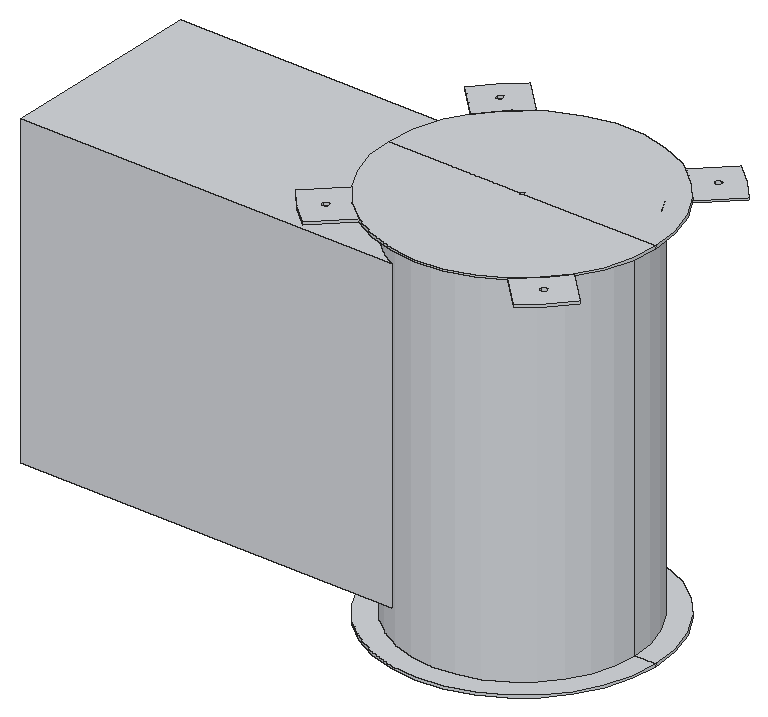
Revit family "AFB-H_Downblast_Ceiling_Mount", category Mechanical Equipment, Revit 2019
Family settings
  Round Connector Dimension = Use Radius
  Part Type = Normal
  Work Plane-Based = No
  Always vertical = Yes
  Cut with Voids When Loaded = No
  Shared = No
  Room Calculation Point = No
Parameters (values of type "12_AFB-H_DOWNBLAST_CEILING")
  Unit Weight [instance] = ""
  ModelID [instance] = ""
  L/2 = L / 2  # 0' - 6 3/8"
  L = 1' - 0 3/4"
  K/2 = K / 2  # 0' - 0 3/16"
  K = 0' - 0 3/8"
  J/2 = J / 2  # 0' - 9 1/32"
  Accessories [instance] = ""
  45 = 45.00°  # constant formula
  (L-1")/2 = (L - 0' 1") / 2  # 0' - 5 7/8"
  (J+(J-A))/2 = (J + ((J - A) / 2)) / 2  # 0' - 10 21/64"
  J = 1' - 6 1/16"
  CENTER = 0' - 0"  # constant formula
  H-(A/2) = H - (A / 2)  # 1' - 6 3/16"
  H+J = H + CENTER  # 2' - 0 5/8"
  H = 2' - 0 5/8"
  Sones [instance] = ""
  Motor RPM [instance] = ""
  Motor Enclosure [instance] = ""
  LwA [instance] = ""
  G = 6' - 0"
  Fan RPM [instance] = ""
  F/2 = F / 2  # 0' - 0 5/32"
  F = 0' - 0 5/16"
  E/2 = E / 2  # 0' - 11"
  E-2" = E - 0' 2"  # 1' - 8"
  E = 1' - 10"
  C/2+J = C / 2 + CENTER  # 0' - 7 5/16"
  C/2 = C / 2  # 0' - 7 5/16"
  C = 1' - 2 5/8"
  B/2 = B / 2  # 0' - 7 13/16"
  B = 1' - 3 5/8"
  A/3 = A / 2.5  # 0' - 5.15"
  A/2 = A / 2  # 0' - 6 7/16"
  A = 1' - 0 7/8"
  60 = 60.00°  # constant formula
  30 = 30.00°  # constant formula
  3" = 0' - 3"  # constant formula
  Brake Hp [instance] = ""
  4" = 0' - 4"  # constant formula
  2' = 2' - 0"
  2" = 0' - 2"  # constant formula
  1" = 0' - 1"  # constant formula
  0 = 0' - 0"  # constant formula
  Voltage [instance] = 0 V
  URL = "www.lorencook.com"
  Type Comments = "Tube Axial Fan Downblast Ceiling Mount High Temperature Construction Belt Drive Arrangement 9"  # constant formula
  Static Pressure [instance] = 0.00 in-wg
  Power [instance] = Voltage * Motor FLA * sqrt(if(Phase = 3, 3, 1))  # 0 VA
  Phase [instance] = 0
  Number of Poles [instance] = 1
  Motor Hp [instance] = "0"
  Motor FLA [instance] = 0 A
  Model = "AFB-H"  # constant formula
  Manufacturer = "Loren Cook Company"
  CFM [instance] = 0 CFM
  1.5 = 0' - 1 1/2"  # constant formula
  ONE EIGTH = 0' - 0 1/8"  # constant formula
  -E/2 = -E / 2  # -0' - 11"
  -(E-.25")/2 = -(E - 0' 0 1/4") / 2  # -0' - 10 7/8"
  (K/2)-((J-A-.25")/2) = (K / 2) - ((J - A - 0' 0 1/4") / 2)  # -0' - 2 9/32"
  (J-A-.25") = (J - A - 0' 0 1/4")  # 0' - 4 15/16"
  (H-(A/2))/2 = (H - (A / 2)) / 2  # 0' - 9 3/32"
  (E-.25")/2 = (E - 0' 0 1/4") / 2  # 0' - 10 7/8"
  (A+.25")/2 = (A + 0' 0 1/4") / 2  # 0' - 6 9/16"
Types (10): name | L/2 | L | K/2 | K | J/2 | (L-1")/2 | (J+(J-A))/2 | J | H-(A/2) | H+J | H | F/2 | F | E/2 | E-2" | E | C/2+J | C/2 | C | B/2 | B | A/3 | A/2 | A | -E/2 | -(E-.25")/2 | (K/2)-((J-A-.25")/2) | (J-A-.25") | (H-(A/2))/2 | (E-.25")/2 | (A+.25")/2
  (no name) | 0' - 6 3/8" | 1' - 0 3/4" | 0' - 0 3/16" | 0' - 0 3/8" | 0' - 9 1/32" | 0' - 5 7/8" | 0' - 10 21/64" | 1' - 6 1/16" | 1' - 6 3/16" | 2' - 0 5/8" | 2' - 0 5/8" | 0' - 0 5/32" | 0' - 0 5/16" | 0' - 11" | 1' - 8" | 1' - 10" | 0' - 7 5/16" | 0' - 7 5/16" | 1' - 2 5/8" | 0' - 7 13/16" | 1' - 3 5/8" | 0' - 5.15" | 0' - 6 7/16" | 1' - 0 7/8" | -0' - 11" | -0' - 10 7/8" | -0' - 2 9/32" | 0' - 4 15/16" | 0' - 9 3/32" | 0' - 10 7/8" | 0' - 6 9/16"
  12_AFB-H_DOWNBLAST_CEILING | 0' - 6 3/8" | 1' - 0 3/4" | 0' - 0 3/16" | 0' - 0 3/8" | 0' - 9 1/32" | 0' - 5 7/8" | 0' - 10 21/64" | 1' - 6 1/16" | 1' - 6 3/16" | 2' - 0 5/8" | 2' - 0 5/8" | 0' - 0 5/32" | 0' - 0 5/16" | 0' - 11" | 1' - 8" | 1' - 10" | 0' - 7 5/16" | 0' - 7 5/16" | 1' - 2 5/8" | 0' - 7 13/16" | 1' - 3 5/8" | 0' - 5.15" | 0' - 6 7/16" | 1' - 0 7/8" | -0' - 11" | -0' - 10 7/8" | -0' - 2 9/32" | 0' - 4 15/16" | 0' - 9 3/32" | 0' - 10 7/8" | 0' - 6 9/16"
  16_AFB-H_DOWNBLAST_CEILING | 0' - 7 13/16" | 1' - 3 5/8" | 0' - 0 3/16" | 0' - 0 3/8" | 0' - 11 1/32" | 0' - 7 5/16" | 1' - 0 21/64" | 1' - 10 1/16" | 1' - 9 11/16" | 2' - 6 1/8" | 2' - 6 1/8" | 0' - 0 5/32" | 0' - 0 5/16" | 1' - 0 1/2" | 1' - 11" | 2' - 1" | 0' - 9 5/16" | 0' - 9 5/16" | 1' - 6 5/8" | 0' - 9 13/16" | 1' - 7 5/8" | 0' - 6 3/4" | 0' - 8 7/16" | 1' - 4 7/8" | -1' - 0 1/2" | -1' - 0 3/8" | -0' - 2 9/32" | 0' - 4 15/16" | 0' - 10 27/32" | 1' - 0 3/8" | 0' - 8 9/16"
  18_AFB-H_DOWNBLAST_CEILING | 0' - 8 1/2" | 1' - 5" | 0' - 0 3/16" | 0' - 0 3/8" | 1' - 0 1/32" | 0' - 8" | 1' - 1 21/64" | 2' - 0 1/16" | 1' - 9 11/16" | 2' - 7 1/8" | 2' - 7 1/8" | 0' - 0 5/32" | 0' - 0 5/16" | 1' - 0 1/2" | 1' - 11" | 2' - 1" | 0' - 10 5/16" | 0' - 10 5/16" | 1' - 8 5/8" | 0' - 10 13/16" | 1' - 9 5/8" | 0' - 7.55" | 0' - 9 7/16" | 1' - 6 7/8" | -1' - 0 1/2" | -1' - 0 3/8" | -0' - 2 9/32" | 0' - 4 15/16" | 0' - 10 27/32" | 1' - 0 3/8" | 0' - 9 9/16"
  24_AFB-H_DOWNBLAST_CEILING | 0' - 10 7/8" | 1' - 9 3/4" | 0' - 0 3/16" | 0' - 0 3/8" | 1' - 3 13/32" | 0' - 10 3/8" | 1' - 4 57/64" | 2' - 6 13/16" | 2' - 3 7/16" | 3' - 3 7/8" | 3' - 3 7/8" | 0' - 0 7/32" | 0' - 0 7/16" | 1' - 3 1/2" | 2' - 5" | 2' - 7" | 1' - 1 7/16" | 1' - 1 7/16" | 2' - 2 7/8" | 1' - 2 9/16" | 2' - 5 1/8" | 0' - 9.95" | 1' - 0 7/16" | 2' - 0 7/8" | -1' - 3 1/2" | -1' - 3 3/8" | -0' - 2 21/32" | 0' - 5 11/16" | 1' - 1 23/32" | 1' - 3 3/8" | 1' - 0 9/16"
  28_AFB-H_DOWNBLAST_CEILING | 1' - 0 5/16" | 2' - 0 5/8" | 0' - 0 3/16" | 0' - 0 3/8" | 1' - 5 13/32" | 0' - 11 13/16" | 1' - 6 57/64" | 2' - 10 13/16" | 2' - 3 7/16" | 3' - 5 7/8" | 3' - 5 7/8" | 0' - 0 7/32" | 0' - 0 7/16" | 1' - 3 1/2" | 2' - 5" | 2' - 7" | 1' - 3 7/16" | 1' - 3 7/16" | 2' - 6 7/8" | 1' - 4 9/16" | 2' - 9 1/8" | 0' - 11.55" | 1' - 2 7/16" | 2' - 4 7/8" | -1' - 3 1/2" | -1' - 3 3/8" | -0' - 2 21/32" | 0' - 5 11/16" | 1' - 1 23/32" | 1' - 3 3/8" | 1' - 2 9/16"
  32_AFB-H_DOWNBLAST_CEILING | 1' - 2 1/8" | 2' - 4 1/4" | 0' - 0 7/32" | 0' - 0 7/16" | 1' - 7 31/32" | 1' - 1 5/8" | 1' - 9 45/64" | 3' - 3 15/16" | 2' - 4 3/4" | 3' - 9 1/4" | 3' - 9 1/4" | 0' - 0 7/32" | 0' - 0 7/16" | 1' - 5" | 2' - 8" | 2' - 10" | 1' - 5 1/2" | 1' - 5 1/2" | 2' - 11" | 1' - 6 5/8" | 3' - 1 1/4" | 1' - 1.2" | 1' - 4 1/2" | 2' - 9" | -1' - 5" | -1' - 4 7/8" | -0' - 3 1/8" | 0' - 6 11/16" | 1' - 2 3/8" | 1' - 4 7/8" | 1' - 4 5/8"
  36_AFB-H_DOWNBLAST_CEILING | 1' - 3 17/32" | 2' - 7 1/16" | 0' - 0 7/32" | 0' - 0 7/16" | 1' - 9 31/32" | 1' - 3 1/32" | 1' - 11 45/64" | 3' - 7 15/16" | 2' - 4 3/4" | 3' - 11 1/4" | 3' - 11 1/4" | 0' - 0 7/32" | 0' - 0 7/16" | 1' - 5" | 2' - 8" | 2' - 10" | 1' - 7 1/2" | 1' - 7 1/2" | 3' - 3" | 1' - 8 11/16" | 3' - 5 3/8" | 1' - 2.8" | 1' - 6 1/2" | 3' - 1" | -1' - 5" | -1' - 4 7/8" | -0' - 3 1/8" | 0' - 6 11/16" | 1' - 2 3/8" | 1' - 4 7/8" | 1' - 6 5/8"
  14_AFB-H_DOWNBLAST_CEILING | 0' - 7 3/32" | 1' - 2 3/16" | 0' - 0 3/16" | 0' - 0 3/8" | 0' - 10 1/32" | 0' - 6 19/32" | 0' - 11 21/64" | 1' - 8 1/16" | 1' - 6 3/16" | 2' - 1 5/8" | 2' - 1 5/8" | 0' - 0 5/32" | 0' - 0 5/16" | 0' - 11" | 1' - 8" | 1' - 10" | 0' - 8 5/16" | 0' - 8 5/16" | 1' - 4 5/8" | 0' - 8 27/32" | 1' - 5 11/16" | 0' - 5.95" | 0' - 7 7/16" | 1' - 2 7/8" | -0' - 11" | -0' - 10 7/8" | -0' - 2 9/32" | 0' - 4 15/16" | 0' - 9 3/32" | 0' - 10 7/8" | 0' - 7 9/16"
  20_AFB-H_DOWNBLAST_CEILING | 0' - 9 5/16" | 1' - 6 5/8" | 0' - 0 3/16" | 0' - 0 3/8" | 1' - 1 5/32" | 0' - 8 13/16" | 1' - 2 33/64" | 2' - 2 5/16" | 1' - 9 11/16" | 2' - 8 1/8" | 2' - 8 1/8" | 0' - 0 5/32" | 0' - 0 5/16" | 1' - 3 1/2" | 2' - 5" | 2' - 7" | 0' - 11 3/16" | 0' - 11 3/16" | 1' - 10 3/8" | 0' - 11 27/32" | 1' - 11 11/16" | 0' - 8.35" | 0' - 10 7/16" | 1' - 8 7/8" | -1' - 3 1/2" | -1' - 3 3/8" | -0' - 2 13/32" | 0' - 5 3/16" | 0' - 10 27/32" | 1' - 3 3/8" | 0' - 10 9/16"
Reference planes (in)
  plane 1 "Center (Front/Back)": y = 0
  plane 2: z = 0
  plane 3 "Center (Left/Right)": x = 0.40541
Forms (in)
  Revolve 1, solid
    sketch origin (0, 0, 0) x (1, 0, 0) y (0, 0, 1)
      loop
        line (0.40541, -11) -> (8.21791, -11) -> (8.21791, -10.875) -> (6.96791, -10.875) -> (6.96791, 10.875) -> (8.21791, 10.875) -> (8.21791, 11) -> (0.40541, 11) -> (0.40541, -11)
      axis (0.40541, -11) -> (0.40541, 11)
    angle from 0 to 360
  Extrusion 2, solid
    sketch origin (0.40541, 0, 10.875) x (1, 0, 0) y (0, -1, 0)
      loop
        arc (-2.92417, -5.875) -> (-6.5625, 0) -> (-2.92417, 5.875) r 6.5625
        line (-2.92417, 5.875) -> (-24.625, 5.875) -> (-24.625, -5.875) -> (-2.92417, -5.875)
    from 20 <- "E-2"" to 2
  Extrusion 3, void
    sketch origin (0, 0, 0) x (1, 0, 0) y (0, 1, 0)
      loop
        circle (0.40541, 0) r 0.125
    from -11 <- "-E/2" to 11 <- "E/2"
  Extrusion 4, solid
    sketch origin (0.40541, 0, 11) x (1, 0, 0) y (0, 1, 0)
      loop
        arc (-6.16499, 8.28631) -> (-7.30309, 7.30309) -> (-8.28631, 6.16499) r 10.32812
        line (-8.28631, 6.16499) -> (-6.48215, 4.36083)
        arc (-6.48215, 4.36083) -> (-5.52427, 5.52427) -> (-4.36083, 6.48215) r 7.8125
        line (-4.36083, 6.48215) -> (-6.16499, 8.28631)
      loop
        arc (6.16499, -8.28631) -> (7.30309, -7.30309) -> (8.28631, -6.16499) r 10.32812
        line (8.28631, -6.16499) -> (6.48215, -4.36083)
        arc (6.48215, -4.36083) -> (5.52427, -5.52427) -> (4.36083, -6.48215) r 7.8125
        line (4.36083, -6.48215) -> (6.16499, -8.28631)
      loop
        arc (-8.28631, -6.16499) -> (-7.30309, -7.30309) -> (-6.16499, -8.28631) r 10.32812
        line (-6.16499, -8.28631) -> (-4.36083, -6.48215)
        arc (-4.36083, -6.48215) -> (-5.52427, -5.52427) -> (-6.48215, -4.36083) r 7.8125
        line (-6.48215, -4.36083) -> (-8.28631, -6.16499)
      loop
        arc (8.28631, 6.16499) -> (7.30309, 7.30309) -> (6.16499, 8.28631) r 10.32812
        line (6.16499, 8.28631) -> (4.36083, 6.48215)
        arc (4.36083, 6.48215) -> (5.52427, 5.52427) -> (6.48215, 4.36083) r 7.8125
        line (6.48215, 4.36083) -> (8.28631, 6.16499)
    from 0 to -0.125
  Extrusion 5, void
    sketch origin (0, 0, 0) x (1, 0, 0) y (0, 1, 0)
      loop
        circle (6.78041, 6.375) r 0.1875
      loop
        circle (-5.96959, 6.375) r 0.1875
      loop
        circle (-5.96959, -6.375) r 0.1875
      loop
        circle (6.78041, -6.375) r 0.1875
    from 11 <- "E/2" to -11 <- "-E/2"
Cuts and joins
  Extrusion 3, Extrusion 5 cuts Revolve 1
  Extrusion 3, Extrusion 5 cuts Extrusion 2
  Extrusion 5 cuts Extrusion 4
Dimensions and locks (in)
  "0": Revolve 1 sketch curve to plane 3 "Center (Left/Right)"  (x2)
  "(A+.25")/2": Revolve 1 sketch curve to plane 3 "Center (Left/Right)"
  "B/2": Revolve 1 sketch curve to plane 3 "Center (Left/Right)"  (x2)
  "ONE EIGTH": Revolve 1 sketch curve to Revolve 1 sketch curve  (x2)
  "E": Revolve 1 sketch curve to Revolve 1 sketch curve
  "E/2": level to Revolve 1 sketch curve
  "H": Extrusion 2 sketch curve to plane 3 "Center (Left/Right)"
  "(L-1")/2": Extrusion 2 sketch curve to plane 1 "Center (Front/Back)"  (x2)
  "0": Extrusion 2 sketch curve to plane 3 "Center (Left/Right)"
  "0": Extrusion 2 sketch curve to plane 1 "Center (Front/Back)"
  "0": Extrusion 3 sketch curve to plane 3 "Center (Left/Right)"
  "0": plane 1 "Center (Front/Back)" to Extrusion 3 sketch curve
  "0": Extrusion 4 sketch curve to plane 3 "Center (Left/Right)"  (x8)
  "0": Extrusion 4 sketch curve to plane 1 "Center (Front/Back)"  (x8)
  "1.5": plane 3 "Center (Left/Right)" to Extrusion 4 sketch curve  (x3)
  "3"": Extrusion 4 sketch curve to Extrusion 4 sketch curve  (x4)
  "1.5": Extrusion 4 sketch curve to plane 3 "Center (Left/Right)"
  "L/2": plane 3 "Center (Left/Right)" to Extrusion 5 sketch curve  (x4)
  "L/2": plane 1 "Center (Front/Back)" to Extrusion 5 sketch curve  (x4)
  "(A+.25")/2": radius of Extrusion 2 sketch curve
  "ONE EIGTH": radius of Extrusion 3 sketch curve
  "(J+(J-A))/2": radius of Extrusion 4 sketch curve  (x4)
  "B/2": radius of Extrusion 4 sketch curve  (x4)
  "K/2": radius of Extrusion 5 sketch curve  (x4)
  "45": angle Extrusion 4 sketch curve to plane 3 "Center (Left/Right)"
  "45": angle Extrusion 4 sketch curve to plane 1 "Center (Front/Back)"  (x2)
  "45": angle plane 1 "Center (Front/Back)" to Extrusion 4 sketch curve
Automatic sketch dimensions
  Revolve 1 sketch curve to Revolve 1 sketch curve = 0' - 0"
  Revolve 1 sketch curve to Revolve 1 sketch curve = 1' - 6"
  Extrusion 2 sketch curve to Extrusion 2 sketch curve = 0' - 0"
Connectors (in)
  electrical at (-13.36917, -5.875, -0.125)
    settings: on Extrusion 2, index 1, voltage 0 V, apparent load 0 VA, apparent load phase1 0 VA, apparent load phase2 0 VA, apparent load phase3 0 VA, power factor 1, load classification "Other", number of poles 1, system type 30, power factor state 1, is connector primary yes, connector utility no, sub classification motor no, connector description ""
  hvac at (0.40541, 0, 10.875), driven by "A/2"
    settings: on Revolve 1, index 2, duct flow 0 CFM, flow factor 0, pres drop 0.00 in-wg, loss coef 0, conn angle 0.00°, conn width 12", conn height 12", conn diameter 12 7/8", duct sys type 29, conn prof type 0, flow config 0, flow direction 1, loss method 0, conn ref index -1, conn util no, is conn primary yes, conn desc ""
  hvac at (0.40541, 0, -11), driven by "A/2"
    settings: on cut or joined group of Revolve 1, Extrusion 3, Extrusion 5, index 4, duct flow 0 CFM, flow factor 0, pres drop 0.00 in-wg, loss coef 0, conn angle 0.00°, conn width 12", conn height 12", conn diameter 12 7/8", duct sys type 29, conn prof type 0, flow config 0, flow direction 2, loss method 0, conn ref index -1, conn util no, is conn primary no, conn desc ""
